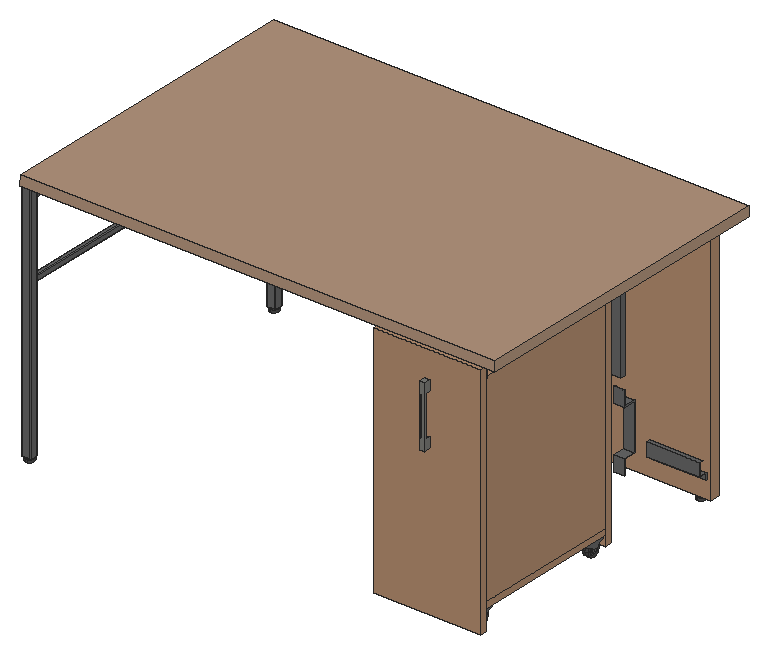
Revit family "Desks-Teknion-LWBDP_Byward_Desk_with_Pedestal-R2022", category Furniture, Revit 2022 (continued)
Dimensions and locks (in)
  Sweep 5 sketch curve to Sweep 5 sketch curve to Sweep 5 sketch curve to Sweep 5 sketch curve to Sweep 5 sketch curve to Sweep 5 sketch curve to plane 4 "Left" = 0.090" locked, 0.000" locked, 0.445" locked, 0.000" locked, 0.090" locked, 0.2875" locked
  Sweep 6 sketch curve to Sweep 6 sketch curve to level = 0.060" locked, 17.9085" locked
  Sweep 6 sketch curve to Sweep 6 sketch curve to Sweep 6 sketch curve to Sweep 6 sketch curve to Sweep 6 sketch curve to Sweep 6 sketch curve to Sweep 6 sketch curve to Sweep 6 sketch curve to Sweep 6 sketch curve to Sweep 6 sketch curve = 0.125" locked, 0.000" locked, 0.1875" locked, 0.125" locked, 0.625" locked, 0.125" locked, 0.1875" locked, 0.000" locked, 0.125" locked
  plane 4 "Left" to Sweep 6 sketch curve to Sweep 6 sketch curve to Sweep 6 sketch curve to Sweep 6 sketch curve to Sweep 6 sketch curve to Sweep 6 sketch curve to Sweep 6 sketch curve to Sweep 6 sketch curve to Sweep 6 sketch curve to Sweep 6 sketch curve = 0.381" locked, 0.125" locked, 0.000" locked, 0.188" locked, 0.000" locked, 0.125" locked, 0.000" locked, 1.437" locked, 0.000" locked, 0.125" locked
  "Metal Tab": plane 1 "Center Front/Back" to Sweep 6 sketch curve
  locked: plane 6 "Back" to Sweep 7 sketch curve at 1.1
  locked: plane 7 "Front" to Sweep 7 sketch curve at 1.1
  Sweep 7 sketch curve to Sweep 7 sketch curve to Sweep 7 sketch curve to Sweep 7 sketch curve to Sweep 7 sketch curve to plane 4 "Left" = 3.982" locked, 0.000" locked, 0.134" locked, 0.134" locked, 0.2875" locked
  plane 8 "Top" to Sweep 7 sketch curve to Sweep 7 sketch curve to Sweep 7 sketch curve to Sweep 7 sketch curve to Sweep 7 sketch curve = 1.060" locked, 0.134" locked, 0.134" locked, 0.000" locked, 1.482" locked
  plane 8 "Top" to Sweep 8 sketch curve to Sweep 8 sketch curve = 1.060" locked, 1.500" locked
  plane 4 "Left" to Sweep 8 sketch curve to Sweep 8 sketch curve to Sweep 8 sketch curve to Sweep 8 sketch curve to Sweep 8 sketch curve to Sweep 8 sketch curve to Sweep 8 sketch curve to Sweep 8 sketch curve = 1.0375" locked, 0.000" locked, 2.000" locked, 0.000" locked, 0.59088" locked, 0.000" locked, 0.90912" locked, 0.000" locked
  plane 6 "Back" to Sweep 8 sketch curve to Sweep 8 sketch curve to Sweep 8 sketch curve to Sweep 8 sketch curve = 1.100" locked, 1.11038" locked, 1.37872" locked, 0.000" locked
  plane 7 "Front" to Sweep 8 sketch curve to Sweep 8 sketch curve to Sweep 8 sketch curve to Sweep 8 sketch curve = 1.100" locked, 1.11038" locked, 1.37872" locked, 0.000" locked
  plane 6 "Back" to Sweep 9 sketch curve to Sweep 9 sketch curve = 3.635" locked, 0.134" locked
  Sweep 9 sketch curve to Sweep 9 sketch curve to Sweep 9 sketch curve to Sweep 9 sketch curve to Sweep 9 sketch curve to Sweep 9 sketch curve to plane 4 "Left" = 1.437" locked, 0.375" locked, 1.000" locked, 0.000" locked, 0.188" locked, 0.4215" locked
  plane 8 "Top" to Sweep 9 sketch curve to Sweep 9 sketch curve to Sweep 9 sketch curve to Sweep 9 sketch curve to Sweep 9 sketch curve to Sweep 9 sketch curve = 1.100" locked, 0.094" locked, 0.000" locked, 0.188" locked, 0.000" locked, 1.312" locked
  plane 7 "Front" to Sweep 10 sketch curve to Sweep 10 sketch curve = 3.635" locked, 0.134" locked
  Sweep 10 sketch curve to Sweep 10 sketch curve to Sweep 10 sketch curve to Sweep 10 sketch curve to Sweep 10 sketch curve to Sweep 10 sketch curve to plane 4 "Left" = 1.437" locked, 0.375" locked, 1.000" locked, 0.000" locked, 0.188" locked, 0.4215" locked
  plane 8 "Top" to Sweep 10 sketch curve to Sweep 10 sketch curve to Sweep 10 sketch curve to Sweep 10 sketch curve to Sweep 10 sketch curve to Sweep 10 sketch curve = 1.100" locked, 0.094" locked, 0.000" locked, 0.188" locked, 0.000" locked, 1.312" locked
  Sweep 11 sketch curve to Sweep 11 sketch curve to level = 0.060" locked, 0.4395" locked
  Sweep 11 sketch curve to Sweep 11 sketch curve to plane 9 to Sweep 11 sketch curve to Sweep 11 sketch curve = 0.7874" locked, 0.1363" locked, 0.3189" locked, 3.14961" locked
  Sweep 11 sketch curve to Sweep 11 sketch curve to Sweep 11 sketch curve to Sweep 11 sketch curve to plane 5 "Right" = 0.7874" locked, 8.6078" locked, 3.14961" locked, 1.3189" locked
  Sweep 11 sketch curve to Sweep 11 sketch curve to plane 5 "Right" = 0.7874" locked, 13.0763" locked
  plane 7 "Front" to Sweep 11 sketch curve to Sweep 11 sketch curve = 1.3189" locked, 3.14961" locked
  Sweep 12 sketch curve to level to Sweep 12 sketch curve = 0.215" locked, 0.000" locked
  locked: plane 6 "Back" to Sweep 12 sketch curve at 0.6
  plane 7 "Front" to Sweep 12 sketch curve to Sweep 12 sketch curve = 0.600" locked, 1.89686" locked
  plane 4 "Left" to Sweep 12 sketch curve to Sweep 12 sketch curve = 0.600" locked, 0.000" locked
  Sweep 12 sketch curve to Sweep 12 sketch curve to Sweep 12 sketch curve to plane 5 "Right" = 0.000" locked, 10.97498" locked, 2.50055" locked
  Sweep 13 sketch curve to Sweep 13 sketch curve to level = 0.2225" locked, 0.215" locked
  Sweep 13 sketch curve to Sweep 13 sketch curve to Sweep 13 sketch curve to Sweep 13 sketch curve to Sweep 13 sketch curve to Sweep 13 sketch curve to Sweep 13 sketch curve to Sweep 13 sketch curve to Sweep 13 sketch curve to Sweep 13 sketch curve to Sweep 13 sketch curve to Sweep 13 sketch curve to plane 5 "Right" = 0.000" locked, 0.315" locked, 0.000" locked, 0.000" locked, 0.000" locked, 0.315" locked, 0.000" locked, 10.340" locked, 0.315" locked, 0.000" locked, 0.315" locked, 2.18505" locked
  plane 4 "Left" to Sweep 13 sketch curve to Sweep 13 sketch curve to Sweep 13 sketch curve to Sweep 13 sketch curve to Sweep 13 sketch curve to Sweep 13 sketch curve to Sweep 13 sketch curve to Sweep 13 sketch curve = 0.285" locked, 0.000" locked, 0.315" locked, 0.000" locked, 0.000" locked, 0.000" locked, 0.315" locked, 0.000" locked
  plane 7 "Front" to Sweep 13 sketch curve to Sweep 13 sketch curve to Sweep 13 sketch curve to Sweep 13 sketch curve to Sweep 13 sketch curve to Sweep 13 sketch curve to Sweep 13 sketch curve to Sweep 13 sketch curve to Sweep 13 sketch curve to Sweep 13 sketch curve to Sweep 13 sketch curve to Sweep 13 sketch curve = 0.23627" locked, 0.18187" locked, 0.000" locked, 0.36373" locked, 0.000" locked, 0.18187" locked, 1.1731", 0.18187" locked, 0.000" locked, 0.36373" locked, 0.000" locked, 0.18187" locked
  plane 6 "Back" to Sweep 13 sketch curve to Sweep 13 sketch curve to Sweep 13 sketch curve to Sweep 13 sketch curve to Sweep 13 sketch curve to Sweep 13 sketch curve = 0.23627" locked, 0.18187" locked, 0.000" locked, 0.36373" locked, 0.000" locked, 0.18187" locked
  "Storage Back": plane 6 "Back" to plane 9
  Sweep 13 sketch curve to Sweep 13 sketch curve to Sweep 13 sketch curve to Sweep 13 sketch curve to Sweep 13 sketch curve to Sweep 13 sketch curve to plane 9 to Sweep 13 sketch curve to Sweep 13 sketch curve to Sweep 13 sketch curve to Sweep 13 sketch curve to Sweep 13 sketch curve to Sweep 13 sketch curve = 0.18187" locked, 0.000" locked, 0.36373" locked, 0.000" locked, 0.18187" locked, 0.16625" locked, 1.13629" locked, 0.18187" locked, 0.000" locked, 0.36373" locked, 0.000" locked, 0.18187" locked
  Sweep 12 sketch curve to plane 9 to Sweep 12 sketch curve = 0.52998" locked, 1.5025" locked
  Sweep 14 sketch curve to Sweep 14 sketch curve to level = 27.500" locked, 0.4995" locked
  Sweep 14 sketch curve to Sweep 14 sketch curve to plane 5 "Right" = 13.000" locked, 1.000" locked
  Sweep 14 sketch curve to Sweep 14 sketch curve to plane 9 = 1.060" locked, 0.000" locked
  Sweep 15 sketch curve to Sweep 15 sketch curve to level = 25.750" locked, 0.56791" locked
  Sweep 15 sketch curve to Sweep 15 sketch curve to plane 5 "Right" = 9.750" locked, 3.000" locked
  plane 7 "Front" to Sweep 15 sketch curve to Sweep 15 sketch curve = 19.54975" locked, 0.70472" locked
  Sweep 16 sketch curve to Sweep 16 sketch curve to plane 7 "Front" = 18.625" locked, 0.92475" locked
  Sweep 16 sketch curve to Sweep 16 sketch curve to Sweep 16 sketch curve to Sweep 16 sketch curve to level = 22.42028" locked, 0.500" locked, 1.82972" locked, 0.56791" locked
  Sweep 16 sketch curve to Sweep 16 sketch curve to Sweep 16 sketch curve to Sweep 16 sketch curve to plane 5 "Right" = 0.70472" locked, 8.34055" locked, 0.70472" locked, 3.000" locked
  plane 7 "Front" to Sweep 17 sketch curve to Sweep 17 sketch curve = 0.92475" locked, 18.625" locked
  Sweep 17 sketch curve to Sweep 17 sketch curve to Sweep 17 sketch curve to Sweep 17 sketch curve to plane 5 "Right" = 0.45372" locked, 8.34055" locked, 0.70472" locked, 3.000" locked
  Sweep 17 sketch curve to Sweep 17 sketch curve to Sweep 17 sketch curve to Sweep 17 sketch curve to level = 0.70472" locked, 18.46555" locked, 0.70472" locked, 1.69291" locked
  plane 7 "Front" to Sweep 18 sketch curve to Sweep 18 sketch curve = 0.22002" locked, 0.70472" locked
  Sweep 18 sketch curve to Sweep 18 sketch curve to level = 27.00041" locked, 0.4995" locked
  Sweep 18 sketch curve to Sweep 18 sketch curve to plane 5 "Right" = 12.250" locked, 1.750" locked
  Sweep 19 sketch curve to Sweep 19 sketch curve to plane 5 "Right" = 11.1678" locked, 1.7722" locked
  Sweep 19 sketch curve to Sweep 19 sketch curve to Sweep 19 sketch curve to Sweep 19 sketch curve to Sweep 19 sketch curve to plane 7 "Front" = 0.6393" locked, 0.0107" locked, 0.0393" locked, 0.0607" locked, 1.000" locked
  plane 8 "Top" to Sweep 19 sketch curve to Sweep 19 sketch curve to Sweep 19 sketch curve to Sweep 19 sketch curve to Sweep 19 sketch curve = 1.060" locked, 0.060" locked, 0.040" locked, 0.010" locked, 1.640" locked
  plane 7 "Front" to Sweep 20 sketch curve to Sweep 20 sketch curve = 0.000" locked, 19.54975" locked
  Sweep 20 sketch curve to Sweep 20 sketch curve to Sweep 20 sketch curve to Sweep 20 sketch curve to Sweep 20 sketch curve to Sweep 20 sketch curve to Sweep 20 sketch curve to Sweep 20 sketch curve to plane 5 "Right" = 0.05906" locked, 0.83465" locked, 0.05906" locked, 6.84252" locked, 0.05906" locked, 0.83465" locked, 0.05906" locked, 3.14862" locked
  Sweep 20 sketch curve to Sweep 20 sketch curve to Sweep 20 sketch curve to Sweep 20 sketch curve to level to Sweep 20 sketch curve to Sweep 20 sketch curve to Sweep 20 sketch curve to Sweep 20 sketch curve = 0.000" locked, 0.05906" locked, 0.000" locked, 1.63386" locked, 0.000" locked, 0.000" locked, 0.000" locked, 0.000" locked
  Sweep 21 sketch curve to Sweep 21 sketch curve to plane 5 "Right" = 14.000" locked, 0.000" locked
  Sweep 21 sketch curve to Sweep 21 sketch curve to Sweep 21 sketch curve to Sweep 21 sketch curve to Sweep 21 sketch curve to Sweep 21 sketch curve to Sweep 21 sketch curve to Sweep 21 sketch curve to Sweep 21 sketch curve to Sweep 21 sketch curve to Sweep 21 sketch curve to Sweep 21 sketch curve to Sweep 21 sketch curve to Sweep 21 sketch curve to Sweep 21 sketch curve to plane 7 "Front" to Sweep 21 sketch curve = 0.25984" locked, 0.000" locked, 0.05906" locked, 1.08661" locked, 1.08661" locked, 0.05906" locked, 0.000" locked, 13.48819" locked, 0.000" locked, 0.05906" locked, 1.08661" locked, 1.08661" locked, 0.05906" locked, 0.000" locked, 1.21904" locked, 0.000" locked
  Sweep 21 sketch curve to Sweep 21 sketch curve to Sweep 21 sketch curve to Sweep 21 sketch curve to Sweep 21 sketch curve to Sweep 21 sketch curve to Sweep 21 sketch curve to Sweep 21 sketch curve to Sweep 21 sketch curve to Sweep 21 sketch curve to Sweep 21 sketch curve to Sweep 21 sketch curve to Sweep 21 sketch curve to level to Sweep 21 sketch curve = 0.000" locked, 0.000" locked, 0.21845" locked, 0.000" locked, 0.000" locked, 0.000" locked, 0.62169" locked, 0.000" locked, 0.28749" locked, 0.000" locked, 0.000" locked, 0.000" locked, 0.56528" locked, 0.000" locked
  plane 8 "Top" to Sweep 22 sketch curve to Sweep 22 sketch curve = 1.060" locked, 1.500" locked
  Sweep 22 sketch curve to Sweep 22 sketch curve to Sweep 22 sketch curve to Sweep 22 sketch curve to plane 5 "Right" = 0.060" locked, 1.639" locked, 0.060" locked, 5.6597" locked
  plane 7 "Front" to Sweep 22 sketch curve to Sweep 22 sketch curve to Sweep 22 sketch curve to Sweep 22 sketch curve = 1.783" locked, 0.060" locked, 19.940" locked, 0.000" locked
  plane 7 "Front" to Sweep 23 sketch curve to Sweep 23 sketch curve = 1.783" locked, 20.000" locked
  plane 5 "Right" to Sweep 23 sketch curve to Sweep 23 sketch curve = 5.6597" locked, 1.759" locked
  plane 8 "Top" to Sweep 23 sketch curve to Sweep 23 sketch curve = 1.060" locked, 0.060" locked
  plane 8 "Top" to Sweep 24 sketch curve to Sweep 24 sketch curve = 1.421" locked, 4.000" locked
  Sweep 24 sketch curve to Sweep 24 sketch curve to Sweep 24 sketch curve to Sweep 24 sketch curve to plane 5 "Right" = 0.060" locked, 1.380" locked, 0.060" locked, 5.7892" locked
  plane 7 "Front" to Sweep 24 sketch curve to Sweep 24 sketch curve to Sweep 24 sketch curve to Sweep 24 sketch curve = 20.250" locked, 0.060" locked, 1.315" locked, 0.000" locked
  plane 7 "Front" to plane 10 to plane 11 = 2.36471" locked, 15.77953" locked
  locked: plane 12 "Wheel Center" to level at 0.7874
  Revolve 25 sketch curve to Revolve 25 sketch curve to plane 5 "Right" = 9.87167" locked, 2.27498" locked
  Revolve 25 sketch curve to Revolve 25 sketch curve to Revolve 25 sketch curve to Revolve 25 sketch curve to Revolve 25 sketch curve to Revolve 25 sketch curve to Revolve 25 sketch curve to Revolve 25 sketch curve to Revolve 25 sketch curve to Revolve 25 sketch curve to Revolve 25 sketch curve to Revolve 25 sketch curve to Revolve 25 sketch curve to plane 5 "Right" = 0.000" locked, 0.27559" locked, 0.05902" locked, 0.33461" locked, 0.000" locked, 7.12605" locked, 0.000" locked, 0.27559" locked, 0.05902" locked, 0.05902" locked, 0.27559" locked, 0.000" locked, 3.29043" locked
  Revolve 25 sketch curve to Revolve 25 sketch curve to Revolve 25 sketch curve to Revolve 25 sketch curve to Revolve 25 sketch curve to Revolve 25 sketch curve to Revolve 25 sketch curve to Revolve 25 sketch curve to Revolve 25 sketch curve to Revolve 25 sketch curve to Revolve 25 sketch curve to Revolve 25 sketch curve to Revolve 25 sketch curve to Revolve 25 sketch curve to Revolve 25 sketch curve to Revolve 25 sketch curve to Revolve 25 sketch curve to Revolve 25 sketch curve to Revolve 25 sketch curve to Revolve 25 sketch curve to Revolve 25 sketch curve to Revolve 25 sketch curve to plane 10 to Revolve 25 sketch curve to Revolve 25 sketch curve = 0.000" locked, 0.01202" locked, 0.000" locked, 0.000" locked, 0.000" locked, 0.14574" locked, 0.000" locked, 0.000" locked, 0.000" locked, 0.03384" locked, 0.000" locked, 0.000" locked, 0.000" locked, 0.35541" locked, 0.000" locked, 0.000" locked, 0.000" locked, 0.02411" locked, 0.000" locked, 0.000" locked, 0.000" locked, 0.21657" locked, 0.000" locked, 0.000" locked
  Revolve 26 sketch curve to Revolve 26 sketch curve to Revolve 26 sketch curve to Revolve 26 sketch curve to Revolve 26 sketch curve to Revolve 26 sketch curve to Revolve 26 sketch curve to Revolve 26 sketch curve to Revolve 26 sketch curve to Revolve 26 sketch curve to Revolve 26 sketch curve to Revolve 26 sketch curve to Revolve 26 sketch curve to plane 5 "Right" = 0.000" locked, 0.27559" locked, 0.05902" locked, 0.33461" locked, 0.000" locked, 7.12605" locked, 0.000" locked, 0.27559" locked, 0.05902" locked, 0.05902" locked, 0.27559" locked, 0.000" locked, 3.29043" locked
  Revolve 26 sketch curve to Revolve 26 sketch curve to Revolve 26 sketch curve to Revolve 26 sketch curve to Revolve 26 sketch curve to Revolve 26 sketch curve to Revolve 26 sketch curve to Revolve 26 sketch curve to Revolve 26 sketch curve to Revolve 26 sketch curve to Revolve 26 sketch curve to Revolve 26 sketch curve to Revolve 26 sketch curve to Revolve 26 sketch curve to Revolve 26 sketch curve to Revolve 26 sketch curve to Revolve 26 sketch curve to Revolve 26 sketch curve to Revolve 26 sketch curve to Revolve 26 sketch curve to Revolve 26 sketch curve to Revolve 26 sketch curve to Revolve 26 sketch curve to Revolve 26 sketch curve to plane 7 "Front" = 0.000" locked, 0.01202" locked, 0.000" locked, 0.000" locked, 0.000" locked, 0.14574" locked, 0.000" locked, 0.000" locked, 0.000" locked, 0.03384" locked, 0.000" locked, 0.000" locked, 0.000" locked, 0.35541" locked, 0.000" locked, 0.000" locked, 0.000" locked, 0.02411" locked, 0.000" locked, 0.000" locked, 0.000" locked, 0.21657" locked, 0.000" locked, 18.14424" locked
  Sweep 27 sketch curve to Sweep 27 sketch curve to plane 5 "Right" = 1.0708" locked, 3.08964" locked
  locked: plane 11 to Sweep 27 sketch curve
  locked: plane 10 to Sweep 27 sketch curve
  plane 12 "Wheel Center" to Sweep 27 sketch curve to Sweep 27 sketch curve = 0.000" locked, 0.000" locked
  Sweep 28 sketch curve to Sweep 28 sketch curve to plane 5 "Right" = 1.0708" locked, 10.88491" locked
  plane 12 "Wheel Center" to Sweep 28 sketch curve to Sweep 28 sketch curve = 0.000" locked, 0.000" locked
  locked: plane 11 to Sweep 28 sketch curve
  locked: plane 10 to Sweep 28 sketch curve
  Sweep 29 sketch curve to Sweep 29 sketch curve to plane 5 "Right" = 1.000" locked, 7.375" locked
  Sweep 30 sketch curve to plane 7 "Front" to Sweep 30 sketch curve to Sweep 30 sketch curve = 0.09525" locked, 0.22002" locked, 0.000" locked
  Sweep 30 sketch curve to Sweep 30 sketch curve to plane 5 "Right" = 1.000" locked, 7.375" locked
  Sweep 31 sketch curve to Sweep 31 sketch curve to level = 16.000" locked, 9.9995" locked
  Sweep 31 sketch curve to Sweep 31 sketch curve to plane 9 to Sweep 31 sketch curve to Sweep 31 sketch curve to Sweep 31 sketch curve = 0.036" locked, 0.1797" locked, 0.2843" locked, 0.464" locked, 0.036" locked
  Sweep 31 sketch curve to Sweep 31 sketch curve to Sweep 31 sketch curve to Sweep 31 sketch curve to Sweep 31 sketch curve to plane 5 "Right" = 0.714" locked, 0.036" locked, 1.428" locked, 0.036" locked, 10.6112" locked
  Sweep 32 sketch curve to Sweep 32 sketch curve to plane 5 "Right" = 1.250" locked, 9.6252" locked
  Sweep 32 sketch curve to Sweep 32 sketch curve to Sweep 32 sketch curve to Sweep 32 sketch curve to Sweep 32 sketch curve to Sweep 32 sketch curve to level = 1.675" locked, 0.075" locked, 5.250" locked, 0.075" locked, 1.675" locked, 0.6245" locked
  plane 9 to Sweep 32 sketch curve to Sweep 32 sketch curve to Sweep 32 sketch curve to Sweep 32 sketch curve to Sweep 32 sketch curve to Sweep 32 sketch curve = 0.000" locked, 0.075" locked, 1.350" locked, 0.000" locked, 0.075" locked, 0.000" locked
  Sweep 33 sketch curve to Sweep 33 sketch curve to plane 5 "Right" = 6.000" locked, 1.5002" locked
  plane 9 to Sweep 33 sketch curve to Sweep 33 sketch curve to Sweep 33 sketch curve to Sweep 33 sketch curve to Sweep 33 sketch curve = 0.000" locked, 0.036" locked, 0.464" locked, 0.464" locked, 0.036" locked
  Sweep 33 sketch curve to Sweep 33 sketch curve to Sweep 33 sketch curve to Sweep 33 sketch curve to Sweep 33 sketch curve to level = 0.036" locked, 1.428" locked, 0.036" locked, 0.714" locked, 2.4245" locked
  plane 7 "Front" to Sweep 34 sketch curve to Sweep 34 sketch curve = 0.92475" locked, 18.625" locked
  Sweep 34 sketch curve to Sweep 34 sketch curve to Sweep 34 sketch curve to Sweep 34 sketch curve to Sweep 34 sketch curve to Sweep 34 sketch curve to level = 0.090" locked, 0.000" locked, 0.445" locked, 0.000" locked, 0.090" locked, 24.44224" locked
  Sweep 34 sketch curve to Sweep 34 sketch curve to Sweep 34 sketch curve to Sweep 34 sketch curve to Sweep 34 sketch curve to Sweep 34 sketch curve to plane 5 "Right" = 0.090" locked, 0.000" locked, 0.445" locked, 0.000" locked, 0.090" locked, 11.87469" locked
  curve 73 to curve 71 to plane 10 to curve 72 to curve 70 = 0.000" locked, 0.77568" locked, 0.77568" locked, 0.000" locked
  curve 68 to curve 66 to plane 11 to curve 69 to curve 67 = 0.000" locked, 0.77568" locked, 0.77568" locked, 0.000" locked
  curve 57 to curve 129 to plane 5 "Right" = 0.87531" locked, 11.87469" locked
  plane 6 "Back" to plane 9 to plane 1 "Center Front/Back" = 4.060", 13.940"
  Sweep 35 sketch curve to Sweep 35 sketch curve to plane 5 "Right" = 0.47244" locked, 7.63878" locked
  Sweep 35 sketch curve to Sweep 35 sketch curve to plane 2 = 7.51969" locked, 17.13662" locked
  Sweep 36 sketch curve to Sweep 36 sketch curve to plane 2 = 5.89724" locked, 17.94784" locked
  Sweep 36 sketch curve to Sweep 36 sketch curve to plane 5 "Right" = 0.500" locked, 7.625" locked
  locked: Sweep 35 sketch curve to plane 5 "Right" at 7.875
  Sweep 35 sketch curve to plane 7 "Front" to Sweep 35 sketch curve = 1.1786" locked, 0.22002" locked
  Sweep 36 sketch curve to plane 7 "Front" to Sweep 36 sketch curve = 0.8036" locked, 0.22002" locked
  Sweep 37 sketch curve to Sweep 37 sketch curve to plane 2 = 7.000" locked, 17.42491" locked
  Sweep 38 sketch curve to Sweep 38 sketch curve to plane 2 = 4.64921" locked, 18.60031" locked
  plane 5 "Right" to Sweep 37 sketch curve to Sweep 37 sketch curve = 7.625" locked, 0.500" locked
  plane 5 "Right" to Sweep 38 sketch curve to Sweep 38 sketch curve = 7.59344" locked, 0.462" locked
  Sweep 37 sketch curve to plane 7 "Front" to Sweep 37 sketch curve = 0.52998" locked, 0.22002" locked
  locked: Sweep 37 sketch curve to plane 5 "Right" at 7.51313
  locked: Sweep 38 sketch curve to plane 5 "Right" at 7.51313
  Sweep 38 sketch curve to plane 7 "Front" to Sweep 38 sketch curve = 0.46223" locked, 0.22002" locked
  Sweep 39 sketch curve to plane 7 "Front" to Sweep 39 sketch curve = 0.51225" locked, 0.92475" locked
  plane 5 "Right" to Sweep 39 sketch curve to Sweep 39 sketch curve = 3.38059" locked, 8.98883" locked
  Sweep 39 sketch curve to Sweep 39 sketch curve to plane 2 = 0.16002" locked, 27.40789" locked
  locked: plane 7 "Front" to Sweep 39 sketch curve at 0.21341
  Sweep 29 sketch curve to Sweep 29 sketch curve to Sweep 29 sketch curve to Sweep 29 sketch curve to Sweep 29 sketch curve to Sweep 29 sketch curve to plane 7 "Front" to Sweep 29 sketch curve to Sweep 29 sketch curve to Sweep 29 sketch curve to Sweep 29 sketch curve = 0.000" locked, 0.098" locked, 0.00043" locked, 0.11815" locked, 0.00043" locked, 0.00302" locked, 0.01851" locked, 0.07647" locked, 0.000" locked, 0.02196" locked
  Sweep 29 sketch curve to Sweep 29 sketch curve to Sweep 29 sketch curve to Sweep 29 sketch curve to Sweep 29 sketch curve to Sweep 29 sketch curve to plane 2 = 0.09843" locked, 0.72835" locked, 5.60609" locked, 0.72835" locked, 0.09843" locked, 17.22012" locked
  locked: plane 7 "Front" to Sweep 29 sketch curve at 18.09972
  Sweep 30 sketch curve to Sweep 30 sketch curve to Sweep 30 sketch curve to Sweep 30 sketch curve to Sweep 30 sketch curve to Sweep 30 sketch curve to Sweep 30 sketch curve to Sweep 30 sketch curve to plane 7 "Front" = 0.000" locked, 0.05725" locked, 0.000" locked, 0.000" locked, 0.000" locked, 0.07791" locked, 0.000" locked, 0.11549" locked
  Sweep 30 sketch curve to Sweep 30 sketch curve to Sweep 30 sketch curve to Sweep 30 sketch curve to Sweep 30 sketch curve to Sweep 30 sketch curve to Sweep 30 sketch curve to Sweep 30 sketch curve to plane 2 = 0.08026" locked, 0.51086" locked, 0.08026" locked, 5.62738" locked, 0.08026" locked, 0.51086" locked, 0.08026" locked, 17.36545"
  locked: Masking region 5 sketch curve to plane 7 "Front" at 0.3142
  locked: curve 222 to plane 7 "Front" at 0.8036
  radius of Sweep 28 sketch curve = 0.100"  (x2)
  aligned and locked: level to plane 2
  aligned and locked: plane 3 "Center Left/Right" to Sweep 1 sketch curve
  aligned and locked: plane 7 "Front" to Sweep 1 sketch curve
  aligned and locked: plane 5 "Right" to Sweep 1 sketch curve
  aligned and locked: Sweep 1 sketch curve to plane 6 "Back"
  aligned and locked: Sweep 1 sketch curve to plane 4 "Left"
  aligned and locked: plane 5 "Right" to curve 1
  aligned and locked: plane 7 "Front" to curve 2
  aligned and locked: curve 3 to plane 4 "Left"
  aligned and locked: curve 4 to plane 6 "Back"
  aligned and locked: Sweep 2 sketch curve to plane 3 "Center Left/Right"
  aligned and locked: plane 1 "Center Front/Back" to Sweep 3 sketch curve
  aligned and locked: plane 3 "Center Left/Right" to Sweep 4 sketch curve
  aligned and locked: plane 3 "Center Left/Right" to Sweep 5 sketch curve
  aligned and locked: plane 3 "Center Left/Right" to Sweep 6 sketch curve
  aligned and locked: plane 3 "Center Left/Right" to Sweep 7 sketch curve
  aligned and locked: Sweep 8 sketch curve to plane 3 "Center Left/Right"
  aligned and locked: Sweep 9 sketch curve to plane 3 "Center Left/Right"
  aligned and locked: plane 3 "Center Left/Right" to Sweep 10 sketch curve
  aligned and locked: plane 3 "Center Left/Right" to Sweep 11 sketch curve
  aligned and locked: Sweep 12 sketch curve to plane 3 "Center Left/Right"
  aligned and locked: plane 3 "Center Left/Right" to Sweep 13 sketch curve
  aligned and locked: Masking region 1 sketch curve to plane 4 "Left"
  aligned and locked: plane 7 "Front" to Masking region 1 sketch curve
  aligned and locked: plane 5 "Right" to Masking region 1 sketch curve
  aligned and locked: Masking region 1 sketch curve to plane 6 "Back"
  aligned and locked: plane 3 "Center Left/Right" to Sweep 14 sketch curve
  aligned and locked: plane 3 "Center Left/Right" to Sweep 15 sketch curve
  aligned and locked: plane 9 to Sweep 3 sketch curve
  aligned and locked: plane 3 "Center Left/Right" to Sweep 16 sketch curve
  aligned and locked: plane 3 "Center Left/Right" to Sweep 17 sketch curve
  aligned and locked: plane 3 "Center Left/Right" to Sweep 18 sketch curve
  aligned and locked: plane 1 "Center Front/Back" to Sweep 19 sketch curve
  aligned and locked: Sweep 20 sketch curve to plane 3 "Center Left/Right"
  aligned and locked: plane 1 "Center Front/Back" to Sweep 21 sketch curve
  aligned and locked: plane 3 "Center Left/Right" to Sweep 22 sketch curve
  aligned and locked: Sweep 23 sketch curve to plane 3 "Center Left/Right"
  aligned and locked: Sweep 24 sketch curve to plane 3 "Center Left/Right"
  aligned and locked: Revolve 25 sketch curve to plane 10
  aligned and locked: Revolve 26 sketch curve to plane 11
  aligned and locked: plane 1 "Center Front/Back" to Sweep 27 sketch curve
  aligned and locked: plane 1 "Center Front/Back" to Sweep 28 sketch curve
  aligned and locked: plane 3 "Center Left/Right" to Sweep 31 sketch curve
  aligned and locked: plane 1 "Center Front/Back" to Sweep 32 sketch curve
  aligned and locked: plane 1 "Center Front/Back" to Sweep 33 sketch curve
  aligned and locked: plane 3 "Center Left/Right" to Sweep 34 sketch curve
  aligned and locked: curve 6 to Sweep 12
  aligned and locked: curve 7 to Sweep 12
  aligned and locked: curve 8 to Sweep 12
  aligned and locked: curve 25 to cut or joined group of Sweep 7, Sweep 8
  aligned and locked: curve 28 to cut or joined group of Sweep 7, Sweep 8
  aligned and locked: curve 31 to Sweep 2
  aligned and locked: curve 32 to Sweep 2
  aligned and locked: curve 33 to Sweep 2
  aligned and locked: curve 34 to Sweep 14
  aligned and locked: curve 35 to Sweep 14
  aligned and locked: curve 36 to Sweep 3
  aligned and locked: curve 37 to Sweep 14
  aligned and locked: curve 38 to Sweep 14
  aligned and locked: curve 39 to Sweep 3
  aligned and locked: curve 40 to Sweep 12
  aligned and locked: curve 41 to Sweep 12
  aligned and locked: curve 42 to Sweep 12
  aligned and locked: curve 43 to Sweep 12
  aligned and locked: curve 44 to Sweep 12
  aligned and locked: curve 45 to Sweep 12
  aligned and locked: curve 46 to Sweep 18
  aligned and locked: curve 47 to Sweep 18
  aligned and locked: curve 48 to Sweep 18
  aligned and locked: curve 49 to Sweep 18
  aligned and locked: curve 50 to Sweep 15
  aligned and locked: curve 51 to Sweep 15
  aligned and locked: curve 52 to Sweep 15
  aligned and locked: curve 53 to Sweep 15
  aligned and locked: curve 54 to Sweep 16
  aligned and locked: curve 55 to Sweep 16
  aligned and locked: curve 56 to Sweep 16
  aligned and locked: curve 58 to Revolve 26
  aligned and locked: curve 59 to Revolve 26
  aligned and locked: curve 60 to Revolve 26
  aligned and locked: curve 61 to Revolve 26
  aligned and locked: curve 62 to Revolve 25
  aligned and locked: curve 63 to Revolve 25
  aligned and locked: curve 64 to Revolve 25
  aligned and locked: curve 65 to Revolve 25
  aligned and locked: curve 74 to Sweep 3
  aligned and locked: curve 75 to Sweep 5
  aligned and locked: curve 29 to cut or joined group of Sweep 7, Sweep 8
  aligned and locked: curve 30 to cut or joined group of Sweep 7, Sweep 8
  aligned and locked: curve 76 to Sweep 19
  aligned and locked: curve 77 to Sweep 19
  aligned and locked: curve 78 to Sweep 19
  aligned and locked: curve 79 to Sweep 19
  aligned and locked: curve 80 to Sweep 11
  aligned and locked: curve 81 to Sweep 11
  aligned and locked: curve 82 to Sweep 11
  aligned and locked: curve 83 to Sweep 11
  aligned and locked: curve 84 to Sweep 11
  aligned and locked: curve 85 to Sweep 11
  aligned and locked: curve 86 to Sweep 11
  aligned and locked: curve 87 to Sweep 11
  aligned and locked: curve 88 to Sweep 11
  aligned and locked: curve 89 to Sweep 11
  aligned and locked: curve 90 to Sweep 11
  aligned and locked: curve 91 to Sweep 11
  aligned and locked: curve 92 to cut or joined group of Sweep 22, Sweep 23
  aligned and locked: curve 93 to cut or joined group of Sweep 22, Sweep 23
  aligned and locked: curve 94 to cut or joined group of Sweep 22, Sweep 23
  aligned and locked: curve 96 to cut or joined group of Sweep 22, Sweep 23
  aligned and locked: curve 97 to cut or joined group of Sweep 22, Sweep 23
  aligned and locked: curve 98 to cut or joined group of Sweep 22, Sweep 23
  aligned and locked: curve 95 to cut or joined group of Sweep 22, Sweep 23
  aligned and locked: curve 99 to Sweep 24
  aligned and locked: curve 100 to Sweep 24
  aligned and locked: curve 101 to Sweep 24
  aligned and locked: curve 102 to Sweep 24
  aligned and locked: curve 103 to Sweep 24
  aligned and locked: curve 104 to Sweep 24
  aligned and locked: curve 105 to Sweep 24
  aligned and locked: curve 106 to Sweep 24
  aligned and locked: curve 107 to cut or joined group of Sweep 7, Sweep 8
  aligned and locked: curve 108 to Sweep 10
  aligned and locked: curve 109 to Sweep 10
  aligned and locked: curve 110 to Sweep 10
  aligned and locked: curve 111 to Sweep 9
  aligned and locked: curve 112 to Sweep 9
  aligned and locked: curve 113 to Sweep 9
  aligned and locked: curve 115 to Sweep 6
  aligned and locked: curve 116 to Sweep 6
  aligned and locked: curve 118 to Sweep 6
  aligned and locked: curve 120 to Sweep 6
  aligned and locked: curve 122 to Sweep 6
  aligned and locked: curve 124 to Sweep 6
  aligned and locked: curve 125 to Sweep 6
  aligned and locked: curve 127 to Sweep 6
  aligned and locked: curve 128 to Sweep 17
  aligned and locked: curve 130 to Sweep 32
  aligned and locked: curve 131 to Sweep 32
  aligned and locked: curve 132 to Sweep 32
  aligned and locked: curve 133 to Sweep 32
  aligned and locked: curve 134 to Sweep 32
  aligned and locked: curve 135 to Sweep 32
  aligned and locked: curve 136 to Sweep 33
  aligned and locked: curve 137 to Sweep 33
  aligned and locked: curve 138 to Sweep 33
  aligned and locked: curve 139 to Sweep 33
  aligned and locked: curve 140 to Sweep 33
  aligned and locked: curve 141 to Sweep 33
  aligned and locked: curve 142 to Sweep 33
  aligned and locked: curve 143 to Sweep 13
  aligned and locked: curve 144 to Sweep 13
  aligned and locked: curve 145 to Sweep 13
  aligned and locked: curve 146 to Sweep 13
  aligned and locked: curve 147 to Sweep 13
  aligned and locked: curve 148 to Sweep 13
  aligned and locked: curve 149 to Sweep 13
  aligned and locked: curve 150 to Sweep 13
  aligned and locked: curve 151 to Sweep 13
  aligned and locked: curve 152 to Sweep 13
  aligned and locked: curve 153 to Sweep 13
  aligned and locked: curve 154 to Sweep 13
  aligned and locked: curve 155 to Sweep 13
  aligned and locked: curve 156 to Sweep 13
  aligned and locked: curve 157 to Sweep 13
  aligned and locked: curve 158 to Sweep 13
  aligned and locked: curve 159 to Sweep 13
  aligned and locked: curve 160 to Sweep 13
  aligned and locked: curve 161 to Sweep 13
  aligned and locked: curve 162 to Sweep 13
  aligned and locked: curve 163 to Sweep 13
  aligned and locked: curve 164 to Sweep 13
  aligned and locked: curve 165 to Sweep 13
  aligned and locked: curve 166 to Sweep 13
  aligned and locked: curve 167 to Sweep 13
  aligned and locked: curve 168 to Sweep 13
  aligned and locked: curve 169 to Sweep 13
  aligned and locked: curve 170 to Sweep 13
  aligned and locked: curve 171 to Sweep 13
  aligned and locked: curve 172 to Sweep 13
  aligned and locked: curve 173 to cut or joined group of Sweep 20, Sweep 21
  aligned and locked: curve 174 to cut or joined group of Sweep 20, Sweep 21
  aligned and locked: curve 175 to cut or joined group of Sweep 20, Sweep 21
  aligned and locked: curve 176 to cut or joined group of Sweep 20, Sweep 21
  aligned and locked: curve 177 to cut or joined group of Sweep 20, Sweep 21
  aligned and locked: cut or joined group of Sweep 20, Sweep 21 to curve 178
  aligned and locked: cut or joined group of Sweep 20, Sweep 21 to curve 179
  aligned and locked: curve 180 to cut or joined group of Sweep 20, Sweep 21
  aligned and locked: cut or joined group of Sweep 20, Sweep 21 to curve 181
  aligned and locked: cut or joined group of Sweep 20, Sweep 21 to curve 182
  aligned and locked: curve 183 to cut or joined group of Sweep 20, Sweep 21
  aligned and locked: curve 184 to cut or joined group of Sweep 20, Sweep 21
  aligned and locked: curve 185 to cut or joined group of Sweep 20, Sweep 21
  aligned and locked: curve 186 to cut or joined group of Sweep 20, Sweep 21
  aligned and locked: curve 187 to cut or joined group of Sweep 20, Sweep 21
  aligned and locked: curve 188 to cut or joined group of Sweep 20, Sweep 21
  aligned and locked: cut or joined group of Sweep 20, Sweep 21 to curve 189
  aligned and locked: cut or joined group of Sweep 20, Sweep 21 to curve 190
  aligned and locked: curve 191 to cut or joined group of Sweep 20, Sweep 21
  aligned and locked: cut or joined group of Sweep 20, Sweep 21 to curve 192
  aligned and locked: curve 193 to cut or joined group of Sweep 20, Sweep 21
  aligned and locked: curve 194 to cut or joined group of Sweep 20, Sweep 21
  aligned and locked: curve 195 to cut or joined group of Sweep 20, Sweep 21
  aligned and locked: curve 196 to cut or joined group of Sweep 20, Sweep 21
  aligned and locked: Masking region 2 sketch curve to cut or joined group of Sweep 35, Sweep 36  (x4)
  aligned and locked: Masking region 3 sketch curve to Sweep 39  (x2)
  aligned and locked: Sweep 39 to Masking region 3 sketch curve
  aligned and locked: Masking region 4 sketch curve to cut or joined group of Sweep 37, Sweep 38  (x4)
  aligned and locked: Masking region 5 sketch curve to Sweep 29  (x3)
  aligned and locked: Sweep 30 to Masking region 5 sketch curve  (x2)
  aligned and locked: curve 198 to Sweep 29
  aligned and locked: curve 199 to Sweep 29
  aligned and locked: curve 200 to Sweep 29
  aligned and locked: curve 201 to Sweep 29
  aligned and locked: curve 202 to Sweep 29
  aligned and locked: curve 203 to cut or joined group of Sweep 37, Sweep 38
  aligned and locked: cut or joined group of Sweep 37, Sweep 38 to curve 204
  aligned and locked: curve 205 to cut or joined group of Sweep 37, Sweep 38
  aligned and locked: curve 206 to cut or joined group of Sweep 37, Sweep 38
  aligned and locked: curve 207 to Sweep 29
  aligned and locked: curve 208 to Sweep 29
  aligned and locked: curve 209 to Sweep 30
  aligned and locked: curve 210 to Sweep 30
  aligned and locked: curve 211 to Sweep 30
  aligned and locked: curve 212 to Sweep 30
  aligned and locked: curve 213 to Sweep 30
  aligned and locked: curve 214 to Sweep 30
  aligned and locked: Sweep 30 to curve 215
  aligned and locked: Masking region 3 sketch curve to plane 7 "Front"
  aligned and locked: curve 216 to Sweep 39
  aligned and locked: curve 218 to Sweep 39
  aligned and locked: curve 220 to Sweep 39
  aligned and locked: curve 221 to Sweep 39
  aligned and locked: plane 3 "Center Left/Right" to nested 1
  aligned and locked: plane 1 "Center Front/Back" to nested 1
  aligned and locked: nested 2 to plane 4 "Left"
  aligned and locked: plane 7 "Front" to nested 2
  aligned and locked: plane 7 "Front" to nested 3
  aligned and locked: nested 3 to plane 5 "Right"
  aligned and locked: nested 5 to plane 5 "Right"
  aligned and locked: nested 5 to plane 6 "Back"
  aligned and locked: nested 4 to plane 6 "Back"
  aligned and locked: nested 4 to plane 4 "Left"
Automatic sketch dimensions
  Sweep 2 sketch curve to Sweep 2 sketch curve = 3.000"  (x5)
  Sweep 2 sketch curve to Sweep 2 sketch curve = 0.000"
  Sweep 21 sketch curve to Sweep 21 sketch curve = 0.000"  (x6)
  Revolve 25 sketch curve to Revolve 25 sketch curve = 0.11804"
  Revolve 26 sketch curve to Revolve 26 sketch curve = 0.11804"
  Revolve 26 sketch curve to Revolve 26 sketch curve = 0.29035"
  Revolve 26 sketch curve to Revolve 26 sketch curve = 0.29043"
  profile plane to Sweep 35 sketch curve = 0.07877"  (x2)
  Sweep 35 sketch curve to profile plane = 0.07877"  (x2)
  Sweep 36 sketch curve to plane 7 "Front" = 0.22002"
  profile plane to Sweep 36 sketch curve = 0.7335"
  Sweep 36 sketch curve to Sweep 36 sketch curve = 0.29012"
  Sweep 36 sketch curve to Sweep 36 sketch curve = 0.0128"  (x2)
  profile plane to Sweep 37 sketch curve = 0.10533"
  Sweep 37 sketch curve to Sweep 37 sketch curve = 0.51309"
  Sweep 38 sketch curve to Sweep 38 sketch curve = 0.40533"
  Sweep 38 sketch curve to Sweep 38 sketch curve = 0.0626"
  Sweep 38 sketch curve to Sweep 38 sketch curve = 0.02972"
  Sweep 39 sketch curve to Sweep 39 sketch curve = 0.31972"  (x2)
  profile plane to Sweep 39 sketch curve = 0.40599"
  Sweep 39 sketch curve to Sweep 39 sketch curve = 0.31968"
  Sweep 29 sketch curve to Sweep 29 sketch curve = 0.000"  (x7)
  Sweep 29 sketch curve to Sweep 29 sketch curve = 0.031"
  Sweep 29 sketch curve to Sweep 29 sketch curve = 0.03143"  (x2)
  Sweep 29 sketch curve to Sweep 29 sketch curve = 0.05615"  (x2)
  Sweep 29 sketch curve to Sweep 29 sketch curve = 0.00014"
  Sweep 29 sketch curve to Sweep 29 sketch curve = 0.56534"
  Sweep 29 sketch curve to Sweep 29 sketch curve = 0.56462"
  Sweep 29 sketch curve to Sweep 29 sketch curve = 0.00124"
  Sweep 29 sketch curve to Sweep 29 sketch curve = 0.01112"
  Sweep 29 sketch curve to Sweep 29 sketch curve = 0.01457"  (x2)
  Sweep 30 sketch curve to Sweep 30 sketch curve = 0.0015"  (x4)
  Sweep 30 sketch curve to Sweep 30 sketch curve = 0.00204"  (x4)
  Masking region 3 sketch curve to Masking region 3 sketch curve = 0.31972"  (x2)
  plane 7 "Front" to Masking region 3 sketch curve = 0.19258"
  plane 7 "Front" to Masking region 3 sketch curve = 0.19256"
  Masking region 5 sketch curve to Masking region 5 sketch curve = 0.15259"  (x2)
  plane 4 "Left" to curve 12 = 0.190"
  curve 15 to curve 25 = 0.0975"
  curve 22 to curve 25 = 0.0975"
  curve 17 to plane 7 "Front" = 0.100"
  plane 4 "Left" to curve 17 = 0.190"
  curve 23 to curve 24 = 0.090"
  curve 13 to curve 12 = 0.090"
  curve 75 to curve 20 = 0.0975"
  curve 10 to plane 6 "Back" = 0.190"
  curve 146 to curve 10 = 0.095"
  curve 75 to curve 15 = 0.0975"
  curve 151 to curve 17 = 0.095"
  curve 18 to curve 19 = 0.090"
  curve 16 to curve 9 = 0.090"
  curve 26 to plane 10 = 0.15433"
  curve 216 to curve 218 = 0.31972"
  curve 218 to curve 220 = 0.31972"
  plane 7 "Front" to curve 220 = 0.19258"
  plane 7 "Front" to curve 216 = 0.19256"
  curve 149 to curve 23 = 0.22813"
  curve 15 to curve 145 = 0.31813"
  curve 222 to curve 203 = 0.05578"
  curve 222 to curve 203 = 0.0153"
  curve 197 to curve 193 = 0.05906"
  curve 208 to curve 215 = 0.06356"
  curve 207 to curve 215 = 0.06356"
  radius of Sweep 12 sketch curve = 0.500"  (x5)
  radius of Sweep 27 sketch curve = 0.100"  (x2)
Nested families (in)
  nested 1: "Teknion_2D_Node_Family-R2021" at (0, 0, 0), type "Teknion_2D_Node_Family-R2021"
  nested 2: "Teknion_2D_Node_Family-R2021" at (-27, -18, 0), type "Teknion_2D_Node_Family-R2021"
  nested 3: "Teknion_2D_Node_Family-R2021" at (27, -18, 0), type "Teknion_2D_Node_Family-R2021"
  nested 4: "Teknion_2D_Node_Family-R2021" at (-27, 18, 0), type "Teknion_2D_Node_Family-R2021"
  nested 5: "Teknion_2D_Node_Family-R2021" at (27, 18, 0), type "Teknion_2D_Node_Family-R2021"
Definition of nested family "Teknion_2D_Node_Family-R2021"
  Reference planes (in)
    plane 1 "Center (Front/Back)": y = 0
    plane 2: z = 0
    plane 3 "Center (Left/Right)": x = 0
  Lines and regions (in)
    detail lines, in view "Ref. Level"
      curve 1: circle (0, 0, 0) r 1.25 normal (0, 0, 1)
      curve 2: line (1.91508, -1.91508, 0) -> (-1.91508, 1.91508, 0)
      curve 3: line (-1.91508, -1.91508, 0) -> (1.91508, 1.91508, 0)
Types (5): name | Worksurface Finish | Storage Back | Rectangular Pull Handle | Modern Straight (ADA) Handle | Journal Pull Handle | Modesty Panel & Pedestal Finish | Byward Pull Handle | Gable Cutout | Description | Depth
  (no name) | Source Laminate - Teknion - 3M - Provincial Oak (Cross Grain) | 4.060" | yes | no | no | Foundation Laminate - Teknion - YA - Anigre | no | 2.440" | "Byward Desk with Pedestal, Rectangular Pull Handle" | 36.000"
  Byward Pull | Source Laminate - Teknion - 3M - Provincial Oak (Cross Grain) | 2.060" | no | no | no | Foundation Laminate - Teknion - YA - Anigre | yes | 3.190" | "Byward Desk with Pedestal, Byward Pull Handle" | 36.000"
  Rectangular Pull | Source Laminate - Teknion - 3M - Provincial Oak (Cross Grain) | 4.060" | yes | no | no | Foundation Laminate - Teknion - YA - Anigre | no | 2.440" | "Byward Desk with Pedestal, Rectangular Pull Handle" | 36.000"
  Journal Pull | Veneer-Teknion-5U-Flintwood-Raw_Umber (Long Grain) | 4.060" | no | no | yes | Veneer-Teknion-5U-Flintwood-Raw_Umber (Long Grain) | no | 1.440" | "Byward Desk with Pedestal, Journal Pull Handle" | 36.000"
  Modern Straight (ADA) | Source Laminate - Teknion - 3M - Provincial Oak (Cross Grain) | 4.060" | no | yes | no | Foundation Laminate - Teknion - YA - Anigre | no | 2.440" | "Byward Desk with Pedestal, Modern Straight (ADA) Handle" | 30.000"
